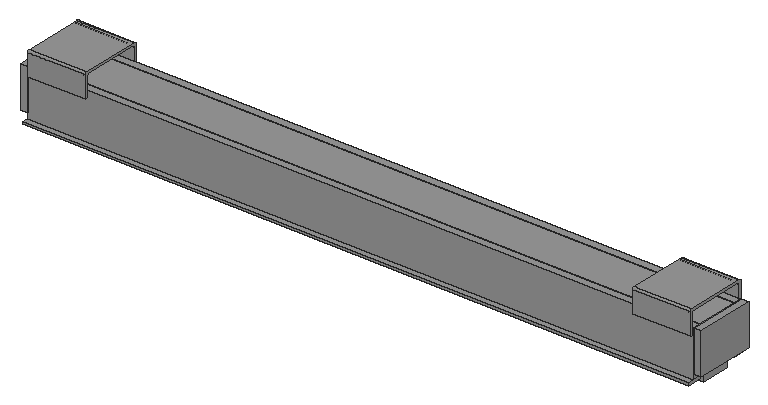
Revit family "Leesti Grid 2' 4' Revit Family 06-09-2017", category Lighting Fixtures, host Ceiling, Revit 2014
Parameters (values of type "Leesti Grid Trim 2'")
  finish = Metal, Paint Finish, White, Matte
  Wattage = 9.2903 W
  built-in parameter 1150110 = 1 (stored number, unit not read)
  built-in parameter 1114217 = 1 (stored number, unit not read)
  Tilt Angle = 90.00°
  built-in parameter 1150109 = 1 (stored number, unit not read)
  built-in parameter 1150134 = 1
  built-in parameter 1150113 = 1 (stored number, unit not read)
  Run = 1' - 11"
  Photometric Web File = "L021502206.IES"
  built-in parameter 1150105 = 109.82 (stored number, unit not read)
  Lumens = 1380 lm
  built-in parameter 1150115 = 1 (stored number, unit not read)
  built-in parameter 1150137 = (empty or 0)
  built-in parameter 1150139 = (empty or 0)
  built-in parameter 1150112 = 1 (stored number, unit not read)
  built-in parameter 1150114 = 1 (stored number, unit not read)
  built-in parameter 1150132 = (empty or 0)
  built-in parameter 1150102 = (empty or 0)
  built-in parameter 1150107 = 6500 (stored number, unit not read)
  built-in parameter 1150138 = (empty or 0)
  built-in parameter 1150106 = 1.0982 (stored number, unit not read)
  Emit from Line Length = 1' - 10 1/2"
  built-in parameter 1150104 = 13.8 (stored number, unit not read)
  Dimming Lamp Color Temperature Shift = <None>
  Color Filter = 16777215
  built-in parameter 1114218 = 1 (stored number, unit not read)
  built-in parameter 1150133 = 10 (stored number, unit not read)
Types (2): name | Run | Emit from Line Length
  Leesti Grid Trim 2' | 1' - 11" | 1' - 10 1/2"
  Leesti Grid Trim 4' | 3' - 11" | 3' - 10 1/2"
Reference planes (in)
  plane 1 "Light Source Axis (F/B)": y = 0
  plane 2 "Ceiling": z = 0.32031
  plane 3 "Light Source Axis (L/R)": x = 0
  plane 4 "Light Source Elevation": z = 0
  plane 5: x = 11.5
  plane 6: x = -11.5
  plane 7: x = -9.5
  plane 8: x = 9.5
  plane 9: x = -5.5
  plane 10: x = 5.5
Forms (in)
  Extrusion 1, solid, material "Metal, Paint Finish, White, Matte" <- "finish"
    sketch origin (0, 0, 0) x (1, 0, 0) y (0, 1, 0)
      loop
        line (11.5, 0.5) -> (11.25, 0.5) -> (11.25, -0.5) -> (11.5, -0.5) -> (11.5, 0.5)
      loop
        line (-11.5, 0.5) -> (-11.5, -0.5) -> (-11.25, -0.5) -> (-11.25, 0.5) -> (-11.5, 0.5)
    from 0 to 1
  Extrusion 2, solid, material "Glass, Frosted, High Luminance"
    sketch origin (0, 0, 0) x (1, 0, 0) y (0, 1, 0)
      loop
        line (-11.25, 0.375) -> (-11.25, -0.375) -> (11.25, -0.375) -> (11.25, 0.375) -> (-11.25, 0.375)
    from 0.03125 to 0.10156
  Extrusion 3, solid, material "Metal, Paint Finish, White, Matte" <- "finish"
    sketch origin (0, 0, 0) x (1, 0, 0) y (0, 1, 0)
      loop
        line (-11.25, 0.5) -> (-11.25, 0.375) -> (11.25, 0.375) -> (11.25, 0.5) -> (-11.25, 0.5)
      loop
        line (-11.25, -0.5) -> (11.25, -0.5) -> (11.25, -0.375) -> (-11.25, -0.375) -> (-11.25, -0.5)
    from 0 to 1
  Extrusion 4, solid, material "Metal, Paint Finish, White, Matte" <- "finish"
    sketch origin (0, 0, 0) x (1, 0, 0) y (0, 1, 0)
      loop
        line (11.8125, 1.03125) -> (11.5625, 1.03125) -> (11.5625, -1.03125) -> (11.8125, -1.03125) -> (11.8125, 1.03125)
      loop
        line (-11.8125, 1.03125) -> (-11.8125, -1.03125) -> (-11.5625, -1.03125) -> (-11.5625, 1.03125) -> (-11.8125, 1.03125)
    from 0.5 to 1.94141
  Extrusion 5, solid, material "Metal, Paint Finish, White, Matte" <- "finish"
    sketch origin (0, 0, 0) x (1, 0, 0) y (0, 1, 0)
      loop
        line (-11.5625, 0.75) -> (11.5625, 0.75) -> (11.5625, 1.25) -> (-11.5625, 1.25) -> (-11.5625, 0.75)
      loop
        line (-11.5625, -0.75) -> (-11.5625, -1.25) -> (11.5625, -1.25) -> (11.5625, -0.75) -> (-11.5625, -0.75)
    from 0.25 to 0.32031
  Extrusion 6, solid, material "Metal, Paint Finish, White, Matte" <- "finish"
    sketch origin (0, 0, 0) x (1, 0, 0) y (0, 1, 0)
      loop
        line (-11.5625, -1.03125) -> (11.5625, -1.03125) -> (11.5625, -0.75) -> (-11.5625, -0.75) -> (-11.5625, -1.03125)
      loop
        line (-11.5625, 1.03125) -> (-11.5625, 0.75) -> (11.5625, 0.75) -> (11.5625, 1.03125) -> (-11.5625, 1.03125)
    from 0.32031 to 1.94141
  Extrusion 7, solid, material "Metal, Paint Finish, White, Matte" <- "finish"
    sketch origin (0, 0, 0.89844) x (1, 0, 0) y (0, 1, 0)
      loop
        line (-11.25, 0.375) -> (-11.25, -0.375) -> (11.25, -0.375) -> (11.25, 0.375) -> (-11.25, 0.375)
    from 0.03125 to 0.10156
  Extrusion 8, solid, material "Metal, Paint Finish, White, Matte" <- "finish"
    sketch origin (0, 0, 1.83984) x (1, 0, 0) y (0, 1, 0)
      loop
        line (-11.5625, 0.75) -> (-11.5625, -0.75) -> (11.5625, -0.75) -> (11.5625, 0.75) -> (-11.5625, 0.75)
    from 0.03125 to 0.10156
  Extrusion 9, solid, material "Metal, Paint Finish, White, Matte" <- "finish"
    sketch origin (0, 0, 0) x (0, 1, 0) y (0, 0, 1)
      loop
        line (1.09375, 1.6875) -> (1.09375, 2.4375)
        arc (1.09375, 2.4375) -> (1.07544, 2.48169) -> (1.03125, 2.5) r 0.0625
        line (1.03125, 2.5) -> (-1.03125, 2.5)
        arc (-1.03125, 2.5) -> (-1.07544, 2.48169) -> (-1.09375, 2.4375) r 0.0625
        line (-1.09375, 2.4375) -> (-1.09375, 1.6875) -> (-1.03125, 1.6875) -> (-1.03125, 2.375)
        arc (-1.03125, 2.375) -> (-1.01294, 2.41919) -> (-0.96875, 2.4375) r 0.0625
        line (-0.96875, 2.4375) -> (0.96875, 2.4375)
        arc (0.96875, 2.4375) -> (1.01294, 2.41919) -> (1.03125, 2.375) r 0.0625
        line (1.03125, 2.375) -> (1.03125, 1.6875) -> (1.09375, 1.6875)
    from -11.5 to -9.5
  Extrusion 10, solid, not visible
    sketch origin (0, 0, 0) x (0, 1, 0) y (0, 0, 1)
      loop
        line (1.09375, 1.6875) -> (1.09375, 2.4375)
        arc (1.09375, 2.4375) -> (1.07544, 2.48169) -> (1.03125, 2.5) r 0.0625
        line (1.03125, 2.5) -> (-1.03125, 2.5)
        arc (-1.03125, 2.5) -> (-1.07544, 2.48169) -> (-1.09375, 2.4375) r 0.0625
        line (-1.09375, 2.4375) -> (-1.09375, 1.6875) -> (-1.03125, 1.6875) -> (-1.03125, 2.375)
        arc (-1.03125, 2.375) -> (-1.01294, 2.41919) -> (-0.96875, 2.4375) r 0.0625
        line (-0.96875, 2.4375) -> (0.96875, 2.4375)
        arc (0.96875, 2.4375) -> (1.01294, 2.41919) -> (1.03125, 2.375) r 0.0625
        line (1.03125, 2.375) -> (1.03125, 1.6875) -> (1.09375, 1.6875)
    from 0 to 2
  Extrusion 11, solid, material "Metal, Paint Finish, White, Matte" <- "finish"
    sketch origin (17.75, 0, 0) x (0, 1, 0) y (0, 0, 1)
      loop
        line (1.09375, 1.6875) -> (1.09375, 2.4375)
        arc (1.09375, 2.4375) -> (1.07544, 2.48169) -> (1.03125, 2.5) r 0.0625
        line (1.03125, 2.5) -> (-1.03125, 2.5)
        arc (-1.03125, 2.5) -> (-1.07544, 2.48169) -> (-1.09375, 2.4375) r 0.0625
        line (-1.09375, 2.4375) -> (-1.09375, 1.6875) -> (-1.03125, 1.6875) -> (-1.03125, 2.375)
        arc (-1.03125, 2.375) -> (-1.01294, 2.41919) -> (-0.96875, 2.4375) r 0.0625
        line (-0.96875, 2.4375) -> (0.96875, 2.4375)
        arc (0.96875, 2.4375) -> (1.01294, 2.41919) -> (1.03125, 2.375) r 0.0625
        line (1.03125, 2.375) -> (1.03125, 1.6875) -> (1.09375, 1.6875)
    from -8.25 to -6.25
  Extrusion 12, void
    sketch origin (0, 0, 0) x (1, 0, 0) y (0, 1, 0)
      loop
        line (-11.5, 0.67424) -> (-11.5625, 0.67424) -> (-11.5625, -0.75) -> (-11.5, -0.75) -> (11.5, -0.75) -> (11.5625, -0.75) -> (11.5625, 0.67424) -> (11.5, 0.67424) -> (-11.5, 0.67424)
      loop
        line (-11.5, -0.5) -> (11.5, -0.5) -> (11.5, 0.5) -> (-11.5, 0.5) -> (-11.5, -0.5)
    from 1.22403 to 1.62526
Cuts and joins
  Extrusion 12 cuts Extrusion 1
  Extrusion 12 cuts Extrusion 3
  Extrusion 12 cuts Extrusion 4
  Extrusion 12 cuts Extrusion 5
  Extrusion 12 cuts Extrusion 6
  Extrusion 12 cuts Extrusion 8
  Extrusion 12 cuts Extrusion 9
  Extrusion 12 cuts Extrusion 11
Lines and regions (in)
  Opening 1
    outline origin (0, 0, 0.32031) x (1, 0, 0) y (0, 1, 0)
      loop
        line (11.5625, -0.75) -> (11.5625, 0.75) -> (-11.5625, 0.75) -> (-11.5625, -0.75) -> (11.5625, -0.75)
Dimensions and locks (in)
  equal spacing: host sketch curve, plane 3 "Light Source Axis (L/R)", host sketch curve
  equal spacing: host sketch curve, plane 1 "Light Source Axis (F/B)", host sketch curve
  host sketch curve to host sketch curve = 10' - 0"  (x2)
  equal spacing: plane 6, plane 3 "Light Source Axis (L/R)", plane 5
  "Run": plane 6 to plane 5
  locked: plane 5 to Extrusion 4 sketch curve at 0.0625
  locked: plane 7 to plane 6 at 2
  locked: plane 5 to plane 8 at 2
  locked: plane 10 to plane 5 at 6
  locked: plane 6 to plane 9 at 6
  aligned and locked: Extrusion 1 to Extrusion 2 sketch curve  (x2)
  aligned and locked: Extrusion 1 to Extrusion 3 sketch curve
  aligned and locked: Extrusion 3 sketch curve to Extrusion 2  (x2)
  aligned and locked: Extrusion 3 sketch curve to Extrusion 1
  aligned and locked: Extrusion 4 to Extrusion 5 sketch curve  (x2)
  aligned and locked: Extrusion 6 sketch curve to Extrusion 4
  aligned and locked: Extrusion 4 to Extrusion 8 sketch curve  (x2)
  aligned and locked: Extrusion 9 to plane 6
  aligned and locked: plane 7 to Extrusion 9
  aligned and locked: plane 5 to Extrusion 11
  aligned and locked: Extrusion 11 to plane 8
  aligned and locked: Extrusion 12 sketch curve to Extrusion 6
Automatic sketch dimensions
  Extrusion 1 sketch curve to plane 6 = 0' - 0"
  Extrusion 1 sketch curve to plane 5 = 0' - 0"
  Extrusion 1 sketch curve to Extrusion 1 sketch curve = 0' - 0 1/4"  (x2)
  plane 1 "Light Source Axis (F/B)" to Extrusion 1 sketch curve = 0' - 0 1/2"  (x2)
  Extrusion 1 sketch curve to plane 1 "Light Source Axis (F/B)" = 0' - 0 1/2"  (x2)
  plane 1 "Light Source Axis (F/B)" to Extrusion 2 sketch curve = 0' - 0 3/8"
  Extrusion 2 sketch curve to plane 1 "Light Source Axis (F/B)" = 0' - 0 3/8"
  plane 1 "Light Source Axis (F/B)" to Extrusion 3 sketch curve = 0' - 0 1/2"
  Extrusion 3 sketch curve to Extrusion 3 sketch curve = 0' - 0 1/8"  (x2)
  Extrusion 3 sketch curve to plane 1 "Light Source Axis (F/B)" = 0' - 0 3/8"
  Extrusion 4 sketch curve to plane 6 = 0' - 0 1/16"
  Extrusion 4 sketch curve to Extrusion 4 sketch curve = 0' - 0 1/4"  (x2)
  plane 1 "Light Source Axis (F/B)" to Extrusion 4 sketch curve = 0' - 1 1/32"  (x2)
  Extrusion 4 sketch curve to plane 1 "Light Source Axis (F/B)" = 0' - 1 1/32"  (x2)
  Extrusion 5 sketch curve to plane 6 = 0' - 0 1/16"
  plane 5 to Extrusion 5 sketch curve = 0' - 0 1/16"
  plane 1 "Light Source Axis (F/B)" to Extrusion 5 sketch curve = 0' - 1 1/4"
  Extrusion 5 sketch curve to Extrusion 5 sketch curve = 0' - 0 1/2"  (x2)
  Extrusion 5 sketch curve to plane 1 "Light Source Axis (F/B)" = 0' - 0 3/4"
  Extrusion 6 sketch curve to plane 6 = 0' - 0 1/16"
  plane 5 to Extrusion 6 sketch curve = 0' - 0 1/16"  (x2)
  plane 1 "Light Source Axis (F/B)" to Extrusion 6 sketch curve = 0' - 1 1/32"
  Extrusion 6 sketch curve to Extrusion 6 sketch curve = 0' - 0 9/32"  (x2)
  Extrusion 6 sketch curve to plane 1 "Light Source Axis (F/B)" = 0' - 0 3/4"
  plane 6 to Extrusion 7 sketch curve = 0' - 0 1/4"
  Extrusion 7 sketch curve to plane 5 = 0' - 0 1/4"
  plane 1 "Light Source Axis (F/B)" to Extrusion 7 sketch curve = 0' - 0 3/8"
  Extrusion 7 sketch curve to plane 1 "Light Source Axis (F/B)" = 0' - 0 3/8"
  plane 1 "Light Source Axis (F/B)" to Extrusion 8 sketch curve = 0' - 0 3/4"
  Extrusion 8 sketch curve to plane 1 "Light Source Axis (F/B)" = 0' - 0 3/4"
  Extrusion 9 sketch curve to Extrusion 9 sketch curve = 0' - 0 1/16"  (x6)
  Extrusion 9 sketch curve to Extrusion 9 sketch curve = 0' - 0"
  Extrusion 9 sketch curve to Extrusion 9 sketch curve = 0' - 0 3/4"
  Extrusion 9 sketch curve to Extrusion 9 sketch curve = 0' - 1 15/16"
  Extrusion 9 sketch curve to Extrusion 9 sketch curve = 0' - 0 11/16"
  Extrusion 10 sketch curve to Extrusion 10 sketch curve = 0' - 0 1/16"  (x6)
  Extrusion 10 sketch curve to Extrusion 10 sketch curve = 0' - 0"
  Extrusion 10 sketch curve to Extrusion 10 sketch curve = 0' - 0 3/4"
  Extrusion 10 sketch curve to Extrusion 10 sketch curve = 0' - 1 15/16"
  Extrusion 10 sketch curve to Extrusion 10 sketch curve = 0' - 0 11/16"
  plane 1 "Light Source Axis (F/B)" to Extrusion 9 sketch curve = 0' - 1 3/32"
  level to Extrusion 9 sketch curve = 0' - 1 11/16"
  plane 1 "Light Source Axis (F/B)" to Extrusion 11 sketch curve = 0' - 1 3/32"
  Extrusion 11 sketch curve to Extrusion 11 sketch curve = 0' - 0 1/16"  (x6)
  Extrusion 11 sketch curve to Extrusion 11 sketch curve = 0' - 0"
  Extrusion 11 sketch curve to plane 1 "Light Source Axis (F/B)" = 0' - 0 31/32"
  level to Extrusion 11 sketch curve = 0' - 1 11/16"  (x2)
  Extrusion 11 sketch curve to Extrusion 11 sketch curve = 0' - 0 11/16"
  Extrusion 12 sketch curve to Extrusion 12 sketch curve = 0' - 0 1/16"
  Extrusion 12 sketch curve to plane 5 = 0' - 0"  (x3)
  Extrusion 12 sketch curve to plane 1 "Light Source Axis (F/B)" = 0' - 0 1/2"
  Extrusion 12 sketch curve to Extrusion 12 sketch curve = 0' - 0.17424"
  plane 1 "Light Source Axis (F/B)" to Extrusion 12 sketch curve = 0' - 0 1/2"
  Extrusion 12 sketch curve to plane 6 = 0' - 0"  (x3)
  Extrusion 12 sketch curve to Extrusion 12 sketch curve = 0' - 0 1/4"
  Opening 1 sketch curve to plane 6 = 0' - 0 1/16"
  plane 5 to Opening 1 sketch curve = 0' - 0 1/16"
  Opening 1 sketch curve to plane 1 "Light Source Axis (F/B)" = 0' - 0 3/4"
  plane 1 "Light Source Axis (F/B)" to Opening 1 sketch curve = 0' - 0 3/4"
Nested families (in)
  nested 1: "2' ies" at (-11.25, 8.60801, -54), type "2' ies", not visible
  nested 2: "2' ies" at (-11.25, 8.60801, -54), type "2' ies", not visible
Definition of nested family "2' ies"
  Parameters (values of type "2' ies")
    Wattage = 16.1571 W
    built-in parameter 1150110 = 1 (stored number, unit not read)
    built-in parameter 1114217 = 1 (stored number, unit not read)
    Tilt Angle = 90.00°
    built-in parameter 1150109 = 1 (stored number, unit not read)
    built-in parameter 1150134 = 1
    built-in parameter 1150113 = 1 (stored number, unit not read)
    Photometric Web File = "2'.IES"
    Lumens = 2400 lm
    built-in parameter 1150115 = 1 (stored number, unit not read)
    built-in parameter 1150105 = 190.99 (stored number, unit not read)
    built-in parameter 1150137 = (empty or 0)
    built-in parameter 1150139 = (empty or 0)
    built-in parameter 1150112 = 1 (stored number, unit not read)
    built-in parameter 1150114 = 1 (stored number, unit not read)
    built-in parameter 1150132 = 2
    built-in parameter 1150102 = (empty or 0)
    built-in parameter 1150138 = (empty or 0)
    built-in parameter 1150107 = 6500 (stored number, unit not read)
    built-in parameter 1150106 = 1.9099 (stored number, unit not read)
    Emit from Rectangle Width = 0' - 0 3/4"
    Emit from Rectangle Length = 0' - 0 3/4"
    Emit Shape Visible in Rendering = no
    built-in parameter 1150104 = 13.8 (stored number, unit not read)
    Dimming Lamp Color Temperature Shift = (empty or 0)
    Color Filter = 16777215
    built-in parameter 1114218 = 1 (stored number, unit not read)
    built-in parameter 1150133 = 10 (stored number, unit not read)
  Reference planes (in)
    plane 1 "Light Source Axis (F/B)": y = -8.60801
    plane 2: z = 0
    plane 3 "Light Source Axis (L/R)": x = 0
    plane 4 "Light Source Elevation": z = 54
    plane 5: z = 0
  Dimensions and locks (in)
    aligned and locked: plane 3 "Light Source Axis (L/R)" to imposter light
    aligned and locked: plane 1 "Light Source Axis (F/B)" to imposter light
    aligned and locked: plane 4 "Light Source Elevation" to imposter light
    aligned and locked: level to plane 5
